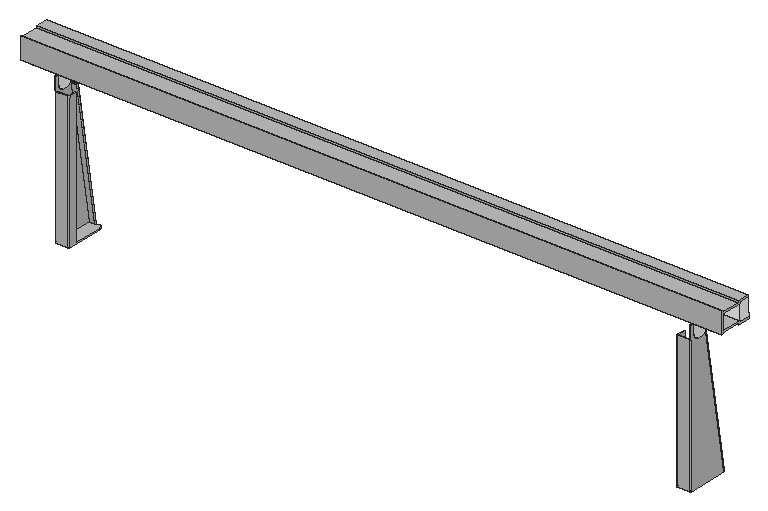
Revit family "4070762+4070746+4070772 Feilo Sylvania Lighting Fixture CURSUS 1161MM 770LM WIDE LED 4K with CONTINUOUS WALL HOUSING with 250MM WALL BRACKET", category Lighting Fixtures, host Face, Revit 2017
Family settings
  Host = Face
  Round Connector Dimension = Use Diameter
  Part Type = Normal
  OmniClass Number = 23.80.70.14
  OmniClass Title = Luminaries for External Lighting
  Cut with Voids When Loaded = Yes
  Light Source = No
  Shared = No
  Room Calculation Point = No
Parameters (values of type "4070762 CURSUS 1161MM 770LM WIDE LED 4K")
  Weight = "2.2 kg"
  Wattage Comments = "n/a"
  WarrantyStartDate [instance] = "n/a"
  WarrantyGuarantorParts = "n/a"
  WarrantyDurationUnit = "n/a"
  WarrantyDurationParts = "n/a"
  WarrantyDescription = "n/a"
  Voltage = 230 V
  URL = "http://www.sylvania-lighting.com"
  TypeName = "CURSUS 1161MM 770LM WIDE LED 4K"
  TypeFixture_FEILO = CURSUS with CONTINUOUS WALL HOUSING : CURSUS 1161MM 770LM WIDE LED 4K
  Type Image = <None>
  Type Comments = "n/a"
  TiltAngle [instance] = 0.00°
  StartAngle [instance] = TiltAngle + 270.00°  # 270.00°
  SerialNumber [instance] = "n/a"
  ReflectorMaterial = none
  PowerFactor = 0
  PowerConsumption = "18 W"
  NominalLength = 1161 mm
  NominalHeight = 50 mm
  NominalDepth = 30 mm
  Name = "CURSUS 1161MM 770LM WIDE LED 4K"
  ModelReference = Name  # "CURSUS 1161MM 770LM WIDE LED 4K"
  ModelNumber = "4070762"
  Model = Name  # "CURSUS 1161MM 770LM WIDE LED 4K"
  Material = "natural anodised extruded aluminium structure housing"
  ManufacturerName = "Feilo Sylvania"
  Manufacturer = "Feilo Sylvania"
  LuminousEfficacy = "42.77 lm/W"
  LuminaireType = ""
  LightOutputRatio = "100"
  LampsType = Lamp  # "LED"
  LampNominalLuminous = "770 lm"
  LampMacAdamStep = "n/a"
  LampColourTemperature = "4000 K"
  LampColourRenderingIndex = "80"
  Lamp = "LED"
  Keynote = "16500"
  InstallationDate [instance] = "n/a"
  InputVoltage = "220-240V~"
  InputNominalFrequency = "n/a"
  IngressProtection = "IP67"
  ImpactProtectionIndex = "IK07"
  IfcExportType = "IfcLightFixtureType"
  IfcExportAs = "IfcLightFixtureType"
  ExpectedLife = 50000
  EndAngle [instance] = StartAngle - 180.00°  # 90.00°
  ElectricShockClassification = "Class III"
  DurationUnit = "hours"
  DocumentationLiterature = "http://www.sylvania-lighting.com/product/en-int/products/4070762"
  DimmingControlOptions = "n/a"
  DiffuserMaterial = Diffuser-Sylvania-Glow
  Description = "LED Exterior Lighting Recessed Surface Mounted Linear Fixture, Natural anodised extruded aluminium structure. Die-cast aluminium end caps. Installation kit with harmonic steel springs., 770 lm, 18W,  42lm/W, 4000K, CRI80+,non dimmable,IP67, IK07, (HxWxD) 1161x50x30mm, 3 step Mac Adam Ellipse, 2.2kg,, Classe III, 21-25V-DC, energy class : A++, A+, A"
  Default Elevation = 1219.2 mm
  CreatedOn = "1/8/2018"
  CreatedBy = ""
  Cost = 0
  built-in parameter 1114216 [instance] = (empty or 0)
  ClassificationValue = "EF_70_80"
  ClassificationName = "Uniclass2015"
  BracketWidth = 24 mm
  BracketThickness = 2 mm
  BracketHeightEnd = 32 mm
  BracketHeight = 70 mm
  BracketFlange = BracketHeight / 5  # 14 mm
  BracketExtension = 250 mm
  BracketEndReduction = 25 mm
  BracketC = 22 mm  # constant formula
  BracketDistance = 1030 mm
  BracketD = BracketHeightEnd - (BracketC * (BracketHeight - BracketHeightEnd) / (BracketExtension - BracketEndReduction))  # 28.284 mm
  BodyMaterial = Body-Sylvania-Gray
  BarCode [instance] = "n/a"
  AssetType = "Fixed"
  AssetIdentifier [instance] = "n/a"
  Assembly Code = "D5020200"
  Apparent Load = 18 VA
  AccessoryMaterial = Diffuser-Sylvania-Glow
Reference planes
  plane 1 "Center (Front/Back)": y = 0
  plane 2: z = 0
  plane 3 "Center (Left/Right)": x = 0
  plane 4: x = -527
  plane 5: x = 527
  plane 6: y = 70
  plane 7: x = -503
  plane 8: x = 503
  plane 9: z = 250
  plane 10: z = 236
  plane 11: z = 2
  plane 12: z = 225
  plane 13: x = -525
  plane 14: y = 68
  plane 15: y = 2
  plane 16: x = -505
  plane 17: x = 505
  plane 18: x = 525
  plane 19: x = -515
  plane 20: x = 515
  plane 21: y = 14
  plane 22: y = 32
  plane 23: y = 30
  plane 24: z = 247
  plane 25: y = 28.284
  plane 26: y = 16
Forms (mm)
  Blend 1, solid, material "Body-Sylvania-Gray" <- "BodyMaterial"
    base sketch origin (1223.4, -4572, 2) x (0, -1, 0) y (1, 0, 0)
      loop
        line (-4640, -1738.4) -> (-4642, -1738.4) -> (-4642, -1748.4)
        arc (-4642, -1748.4) -> (-4641.414, -1749.814) -> (-4640, -1750.4) r 2
        line (-4640, -1750.4) -> (-4574, -1750.4)
        arc (-4574, -1750.4) -> (-4572.586, -1749.814) -> (-4572, -1748.4) r 2
        line (-4572, -1748.4) -> (-4572, -1728.4)
        arc (-4572, -1728.4) -> (-4572.586, -1726.986) -> (-4574, -1726.4) r 2
        line (-4574, -1726.4) -> (-4586, -1726.4) -> (-4586, -1728.4) -> (-4574, -1728.4) -> (-4574, -1748.4) -> (-4640, -1748.4) -> (-4640, -1738.4)
    top sketch origin (1223.4, -4572, 2) x (0, -1, 0) y (1, 0, 0)
      loop
        line (-4586, -1728.4) -> (-4574, -1728.4) -> (-4574, -1748.4) -> (-4602, -1748.4) -> (-4602, -1738.4) -> (-4604, -1738.4) -> (-4604, -1748.4)
        arc (-4604, -1748.4) -> (-4603.52, -1749.71) -> (-4602.309, -1750.4) r 2.028
        line (-4602.309, -1750.4) -> (-4574, -1750.4)
        arc (-4574, -1750.4) -> (-4572.586, -1749.814) -> (-4572, -1748.4) r 2
        line (-4572, -1748.4) -> (-4572, -1728.4)
        arc (-4572, -1728.4) -> (-4572.586, -1726.986) -> (-4574, -1726.4) r 2
        line (-4574, -1726.4) -> (-4586, -1726.4) -> (-4586, -1728.4)
    from 0 to 223
  Extrusion 2, solid, material "Body-Sylvania-Gray" <- "BodyMaterial"
    sketch origin (0, 0, 0) x (1, 0, 0) y (0, 1, 0)
      loop
        arc (-525, 70) -> (-526.414, 69.414) -> (-527, 68) r 2
        line (-527, 68) -> (-527, 2)
        arc (-527, 2) -> (-526.414, 0.586) -> (-525, 0) r 2
        line (-525, 0) -> (-505, 0)
        arc (-505, 0) -> (-503.586, 0.586) -> (-503, 2) r 2
        line (-503, 2) -> (-503, 62.5)
        arc (-503, 62.5) -> (-505.197, 67.803) -> (-510.5, 70) r 7.5
        line (-510.5, 70) -> (-525, 70)
      loop
        line (525, 70) -> (510.5, 70)
        arc (510.5, 70) -> (505.197, 67.803) -> (503, 62.5) r 7.5
        line (503, 62.5) -> (503, 2)
        arc (503, 2) -> (503.586, 0.586) -> (505, 0) r 2
        line (505, 0) -> (525, 0)
        arc (525, 0) -> (526.414, 0.586) -> (527, 2) r 2
        line (527, 2) -> (527, 68)
        arc (527, 68) -> (526.414, 69.414) -> (525, 70) r 2
    from 0 to 2
  Blend 3, solid, material "Body-Sylvania-Gray" <- "BodyMaterial"
    base sketch origin (1223.4, -4572, 2) x (0, -1, 0) y (1, 0, 0)
      loop
        line (-4640, -698.4) -> (-4574, -698.4) -> (-4574, -718.4) -> (-4586, -718.4) -> (-4586, -720.4) -> (-4574, -720.4)
        arc (-4574, -720.4) -> (-4572.586, -719.814) -> (-4572, -718.4) r 2
        line (-4572, -718.4) -> (-4572, -698.4)
        arc (-4572, -698.4) -> (-4572.586, -696.986) -> (-4574, -696.4) r 2
        line (-4574, -696.4) -> (-4640, -696.4)
        arc (-4640, -696.4) -> (-4641.414, -696.986) -> (-4642, -698.4) r 2
        line (-4642, -698.4) -> (-4642, -708.4) -> (-4640, -708.4) -> (-4640, -698.4)
    top sketch origin (1223.4, -4572, 2) x (0, -1, 0) y (1, 0, 0)
      loop
        line (-4602, -708.4) -> (-4602, -698.4) -> (-4574, -698.4) -> (-4574, -718.4) -> (-4586, -718.4) -> (-4586, -720.4) -> (-4574, -720.4)
        arc (-4574, -720.4) -> (-4572.586, -719.814) -> (-4572, -718.4) r 2
        line (-4572, -718.4) -> (-4572, -698.4)
        arc (-4572, -698.4) -> (-4572.586, -696.986) -> (-4574, -696.4) r 2
        line (-4574, -696.4) -> (-4602, -696.4)
        arc (-4602, -696.4) -> (-4603.414, -696.986) -> (-4604, -698.4) r 2
        line (-4604, -698.4) -> (-4604, -708.4) -> (-4602, -708.4)
    from 0 to 223
  Blend 4, solid, material "Body-Sylvania-Gray" <- "BodyMaterial"
    base sketch origin (1223.4, -4572, 225) x (0, -1, 0) y (1, 0, 0)
      loop
        line (-4604, -1750.4) -> (-4572, -1750.4) -> (-4572, -1748.4) -> (-4604, -1748.4) -> (-4604, -1750.4)
    top sketch origin (1223.4, -4572, 225) x (0, -1, 0) y (1, 0, 0)
      loop
        line (-4572, -1750.4) -> (-4572, -1748.4) -> (-4600.284, -1748.4) -> (-4600.284, -1750.4) -> (-4572, -1750.4)
    from 0 to 22
  Blend 5, solid, material "Body-Sylvania-Gray" <- "BodyMaterial"
    base sketch origin (1223.4, -4572, 225) x (0, -1, 0) y (1, 0, 0)
      loop
        line (-4604, -698.4) -> (-4572, -698.4) -> (-4572, -696.4) -> (-4604, -696.4) -> (-4604, -698.4)
    top sketch origin (1223.4, -4572, 225) x (0, -1, 0) y (1, 0, 0)
      loop
        line (-4572, -696.4) -> (-4600.284, -696.4) -> (-4600.284, -698.4) -> (-4572, -698.4) -> (-4572, -696.4)
    from 0 to 22
  Extrusion 6, void
    sketch origin (0, 0, 0) x (0, 1, 0) y (0, 0, 1)
      loop
        line (0, 225) -> (2, 225) -> (2, 226.5) -> (0, 226.5) -> (0, 225)
      loop
        line (32, 225) -> (32, 226.5) -> (30, 226.5) -> (30, 225) -> (32, 225)
    from -527 to 527
  Revolve 7, solid, not visible
    sketch origin (1524, 16, 1219.2) x (1, 0, 0) y (0, 0, 1)
      loop
        line (-1524, -972.2) -> (-1524, -983.2) -> (-1009, -983.2) -> (-1009, -972.2) -> (-1524, -972.2)
      axis (-1009, -983.2) -> (-1524, -983.2)
    angle from 270 <- "StartAngle" to 90 <- "EndAngle"
Cuts and joins
  Extrusion 6 cuts Blend 4
  Extrusion 6 cuts Blend 5
  joined: Blend 1, Extrusion 2, Blend 3, Blend 4, Blend 5
Lines and regions (mm)
  reference lines, not visible
    curve 1: line (-503, 16, 236) -> (503, 16, 236)
Dimensions and locks
  equal spacing: plane 4, plane 3 "Center (Left/Right)", plane 5
  "BracketDistance": plane 19 to plane 20
  "BracketHeight": plane 1 "Center (Front/Back)" to plane 6
  equal spacing: plane 7, plane 3 "Center (Left/Right)", plane 8
  "BracketWidth": plane 4 to plane 7
  "BracketExtension": plane 9 to plane 2
  "BracketThickness": plane 11 to plane 2
  "BracketEndReduction": plane 9 to plane 12
  equal spacing: plane 13, plane 3 "Center (Left/Right)", plane 18
  equal spacing: plane 16, plane 3 "Center (Left/Right)", plane 17
  "BracketThickness": plane 4 to plane 13
  "BracketThickness": plane 16 to plane 7
  "BracketThickness": plane 14 to plane 6
  "BracketThickness": plane 1 "Center (Front/Back)" to plane 15
  equal spacing: plane 4, plane 19, plane 7
  equal spacing: plane 8, plane 20, plane 5
  "BracketFlange": plane 1 "Center (Front/Back)" to plane 21
  "BracketHeightEnd": plane 1 "Center (Front/Back)" to plane 22
  "BracketThickness": plane 23 to plane 22
  locked: Extrusion 2 sketch curve to plane 7 at 7.5
  locked: Extrusion 2 sketch curve to plane 6 at 7.5  (x2)
  locked: plane 8 to Extrusion 2 sketch curve at 7.5
  "BracketC": plane 24 to plane 12
  "BracketD": plane 1 "Center (Front/Back)" to plane 25
  locked: plane 12 to Extrusion 6 sketch curve at 1.5
  equal spacing: plane 24, plane 10, plane 12
  equal spacing: plane 1 "Center (Front/Back)", plane 26, plane 22
  aligned and locked: plane 2 to host face
  aligned and locked: level to host face
  aligned and locked: plane 4 to Blend 1 sketch curve  (x2)
  aligned and locked: plane 13 to Blend 1 sketch curve  (x3)
  aligned and locked: Blend 1 sketch curve to plane 15
  aligned and locked: Blend 1 sketch curve to plane 16
  aligned and locked: Blend 1 sketch curve to plane 21
  aligned and locked: plane 7 to Blend 1 sketch curve
  aligned and locked: plane 16 to Blend 1 sketch curve
  aligned and locked: plane 1 "Center (Front/Back)" to Blend 1 sketch curve
  aligned and locked: plane 14 to Blend 1 sketch curve
  aligned and locked: Blend 1 sketch curve to var sketch  (x6)
  aligned and locked: Blend 1 sketch curve to plane 19
  aligned and locked: Blend 1 sketch curve to plane 22
  aligned and locked: plane 23 to Blend 1 sketch curve
  aligned and locked: plane 11 to Blend 1
  aligned and locked: Extrusion 2 sketch curve to Blend 1  (x3)
  aligned and locked: Extrusion 2 to level
  aligned and locked: Extrusion 2 to plane 11
  aligned and locked: Extrusion 2 sketch curve to plane 7
  aligned and locked: plane 18 to Blend 3 sketch curve  (x4)
  aligned and locked: plane 14 to Blend 3 sketch curve  (x2)
  aligned and locked: Blend 3 sketch curve to plane 20
  aligned and locked: Blend 3 sketch curve to plane 6
  aligned and locked: plane 5 to Blend 3 sketch curve
  aligned and locked: plane 1 "Center (Front/Back)" to Blend 3 sketch curve
  aligned and locked: plane 15 to Blend 3 sketch curve  (x2)
  aligned and locked: Blend 3 sketch curve to plane 8
  aligned and locked: Blend 3 sketch curve to plane 21
  aligned and locked: plane 17 to Blend 3 sketch curve
  aligned and locked: Blend 3 sketch curve to plane 18
  aligned and locked: plane 20 to Blend 3 sketch curve  (x2)
  aligned and locked: Blend 3 sketch curve to plane 23
  aligned and locked: Blend 3 sketch curve to var sketch  (x8)
  aligned and locked: var sketch to Blend 3 sketch curve
  aligned and locked: plane 22 to Blend 3 sketch curve
  aligned and locked: plane 11 to Blend 3
  aligned and locked: Extrusion 2 sketch curve to Blend 3  (x4)
  aligned and locked: Blend 1 to plane 12
  aligned and locked: Blend 3 to plane 12
  aligned and locked: Blend 4 sketch curve to plane 22
  aligned and locked: Blend 4 sketch curve to cut or joined group of Blend 1, Extrusion 2, Blend 3, Blend 4, Blend 5, Extrusion 6  (x2)
  aligned and locked: cut or joined group of Blend 1, Extrusion 2, Blend 3, Blend 4, Blend 5, Extrusion 6 to Blend 4 sketch curve
  aligned and locked: Blend 4 sketch curve to var sketch  (x2)
  aligned and locked: Blend 4 sketch curve to plane 13
  aligned and locked: Blend 4 to plane 24
  aligned and locked: Blend 4 sketch curve to plane 25
  aligned and locked: Blend 5 sketch curve to plane 18  (x2)
  aligned and locked: plane 1 "Center (Front/Back)" to Blend 5 sketch curve
  aligned and locked: plane 5 to Blend 5 sketch curve
  aligned and locked: plane 22 to Blend 5 sketch curve
  aligned and locked: Blend 5 sketch curve to var sketch
  aligned and locked: var sketch to Blend 5 sketch curve
  aligned and locked: Blend 5 sketch curve to plane 25
  aligned and locked: Blend 5 to plane 24
  aligned and locked: plane 12 to Blend 5
  aligned and locked: Extrusion 6 sketch curve to cut or joined group of Blend 1, Extrusion 2, Blend 3, Blend 4, Blend 5, Extrusion 6  (x2)
  aligned and locked: Extrusion 6 sketch curve to Extrusion 6 sketch curve
  aligned and locked: Extrusion 6 sketch curve to plane 15
  aligned and locked: plane 5 to Extrusion 6
  aligned and locked: Extrusion 6 to plane 4
  aligned and locked: Extrusion 6 sketch curve to plane 23
  aligned and locked: Revolve 7 sketch curve to plane 10  (x2)
  aligned and locked: plane 24 to Revolve 7 sketch curve
  aligned and locked: plane 3 "Center (Left/Right)" to Revolve 7 sketch curve
  aligned and locked: Revolve 7 sketch curve to plane 20
  aligned and locked: plane 7 to curve 1
  aligned and locked: plane 10 to curve 1
  aligned and locked: nested 1 to plane 5
  aligned and locked: nested 2 to plane 4
  aligned and locked: nested 1 to curve 1
  aligned and locked: nested 2 to curve 1
  aligned and locked: nested 3 to plane 3 "Center (Left/Right)"
  aligned and locked: nested 1 to nested 3
Automatic sketch dimensions
  host sketch curve to host sketch curve = 2438.4 mm  (x2)
  Blend 1 sketch curve to plane 13 = 0 mm
  plane 15 to Blend 1 sketch curve = 0 mm  (x3)
  Blend 1 sketch curve to plane 23 = 0.309 mm
  plane 6 to Blend 1 sketch curve = 0 mm
  plane 14 to Blend 1 sketch curve = 0 mm
  Blend 1 sketch curve to plane 19 = 0 mm
  Blend 3 sketch curve to plane 17 = 0 mm
  Extrusion 6 sketch curve to plane 1 "Center (Front/Back)" = 0 mm
  plane 12 to Extrusion 6 sketch curve = 0 mm
  Revolve 7 sketch curve to plane 4 = 1153 mm
  plane 5 to Revolve 7 sketch curve = 1161.4 mm
  curve 1 to plane 8 = 0 mm
Nested families
  nested 1: "MountingPlate" at (526, 16, 236) x (-1, 0, 0) z (0, 0, 1), type "MountingPlate"
  nested 2: "MountingPlate" at (-526, 16, 236) x (-1, 0, 0) z (0, 0, 1), type "MountingPlate"
  nested 3: "CURSUS with CONTINUOUS WALL HOUSING" at (0, -4, 254) x (-1, 0, 0) z (0, 0, 1), type <- "TypeFixture_FEILO", type "CURSUS 1161MM 770LM WIDE LED 4K"
    with WarrantyStartDate "n/a", SerialNumber "n/a", InstallationDate "n/a", EndCapRight no, EndCapLeft no, built-in parameter 1114216 (empty or 0), BarCode "n/a", AssetIdentifier "n/a"
Connectors
  electrical at (0, 0, 0), driven by "Voltage", driven by "Apparent Load", driven by "PowerFactor"
    settings: index 1, voltage 230 V, apparent load 18 VA, apparent load phase1 0 VA, apparent load phase2 0 VA, apparent load phase3 0 VA, power factor 0, load classification "Other", number of poles 1, system type 30, power factor state 1, is connector primary yes, connector utility no, sub classification motor no, connector description ""
Definition of nested family "MountingPlate"
  Parameters (values of type "MountingPlate")
    URL = "http://www.feilosylvania.com"
    Type Comments = "n/a"
    ReflectorMaterial = none
    MountingPlateWidth = 76 mm
    MountingPlateThickness = 2 mm
    MountingPlateRadiusBack = 12 mm
    MountingPlateRadius = 3 mm
    MountingPlateHeight = 35 mm
    Model = "n/a"
    Manufacturer = "Feilo Sylvania"
    Keynote = "n/a"
    DiffuserMaterial = none
    Description = "n/a"
    Default Elevation = 1219.2 mm
    Cost = 0
    BodyMaterial = none
    Assembly Code = "n/a"
    AccessoryMaterial = none
  Reference planes
    plane 1 "Center (Front/Back)": y = 0
    plane 2: z = 0
    plane 3 "Center (Left/Right)": x = 0
    plane 4: x = -38
    plane 5: x = 38
    plane 6: y = 17.5
    plane 7: y = -17.5
    plane 8: x = -3
    plane 9: x = 3
    plane 10: z = 18
    plane 11: z = 16
    plane 12: y = 12.5
    plane 13: y = -12.5
    plane 14: x = -1
    plane 15: x = 1
    plane 16: z = -12.5
    plane 17: z = -14.5
  Forms (mm)
    Extrusion 1, solid
      sketch origin (1.653, 0, 0) x (1, 0, 0) y (0, 1, 0)
        loop
          line (-1219.2, 1219.2) -> (-1219.2, -1219.2) -> (1219.2, -1219.2) -> (1219.2, 1219.2) -> (-1219.2, 1219.2)
      from 0 to -304.8
    Extrusion 2, solid, material <- "BodyMaterial"
      sketch origin (1218.4, -4572, 16) x (0, -1, 0) y (-1, 0, 0)
        loop
          line (-4589.5, 1253.4) -> (-4589.5, 1224.4)
          arc (-4589.5, 1224.4) -> (-4588.621, 1222.279) -> (-4586.5, 1221.4) r 3
          line (-4586.5, 1221.4) -> (-4557.5, 1221.4)
          arc (-4557.5, 1221.4) -> (-4555.379, 1222.279) -> (-4554.5, 1224.4) r 3
          line (-4554.5, 1224.4) -> (-4554.5, 1253.4)
          arc (-4554.5, 1253.4) -> (-4555.379, 1255.521) -> (-4557.5, 1256.4) r 3
          line (-4557.5, 1256.4) -> (-4586.5, 1256.4)
          arc (-4586.5, 1256.4) -> (-4588.621, 1255.521) -> (-4589.5, 1253.4) r 3
        loop
          arc (-4589.5, 1183.4) -> (-4588.621, 1181.279) -> (-4586.5, 1180.4) r 3
          line (-4586.5, 1180.4) -> (-4557.5, 1180.4)
          arc (-4557.5, 1180.4) -> (-4555.379, 1181.279) -> (-4554.5, 1183.4) r 3
          line (-4554.5, 1183.4) -> (-4554.5, 1212.4)
          arc (-4554.5, 1212.4) -> (-4555.379, 1214.521) -> (-4557.5, 1215.4) r 3
          line (-4557.5, 1215.4) -> (-4586.5, 1215.4)
          arc (-4586.5, 1215.4) -> (-4588.621, 1214.521) -> (-4589.5, 1212.4) r 3
          line (-4589.5, 1212.4) -> (-4589.5, 1183.4)
      from 0 to -2
    Extrusion 3, solid, material <- "BodyMaterial"
      sketch origin (0, 0, 0) x (1, 0, 0) y (0, 0, 1)
        loop
          line (-3, 18) -> (-3, -12.5) -> (-1, -12.5) -> (-1, 16)
          arc (-1, 16) -> (-1.586, 17.414) -> (-3, 18) r 2
        loop
          line (3, -12.5) -> (3, 18)
          arc (3, 18) -> (1.586, 17.414) -> (1, 16) r 2
          line (1, 16) -> (1, -12.5) -> (3, -12.5)
      from -12.5 to 12.5
    Extrusion 4, void
      sketch origin (0, 0, 0) x (0, 1, 0) y (0, 0, 1)
        loop
          line (-12.5, -0.5) -> (-17.5, -0.5) -> (-17.5, -14.5) -> (-0.5, -14.5) -> (-0.5, -12.5)
          arc (-0.5, -12.5) -> (-8.985, -8.985) -> (-12.5, -0.5) r 12
        loop
          line (0.5, -12.5) -> (0.5, -14.5) -> (17.5, -14.5) -> (17.5, -0.5) -> (12.5, -0.5)
          arc (12.5, -0.5) -> (8.985, -8.985) -> (0.5, -12.5) r 12
      from -3 to 3
  Cuts and joins
    Extrusion 4 cuts Extrusion 2
    Extrusion 4 cuts Extrusion 3
    joined: Extrusion 2, Extrusion 3
  Lines and regions (mm)
    reference lines
      curve 1: line (-38, 0, 0) -> (38, 0, 0)
  Dimensions and locks
    equal spacing: plane 4, plane 3 "Center (Left/Right)", plane 5
    "MountingPlateWidth": plane 4 to plane 5
    equal spacing: plane 7, plane 1 "Center (Front/Back)", plane 6
    "MountingPlateHeight": plane 7 to plane 6
    equal spacing: plane 8, plane 3 "Center (Left/Right)", plane 9
    "MountingPlateHeight": plane 4 to plane 8
    locked: plane 10 to plane 2 at 18
    "MountingPlateThickness": plane 10 to plane 11
    equal spacing: plane 13, plane 1 "Center (Front/Back)", plane 12
    locked: plane 13 to plane 12 at 25
    "MountingPlateRadius": plane 4 to Extrusion 2 sketch curve  (x2)
    "MountingPlateRadius": Extrusion 2 sketch curve to plane 6  (x4)
    "MountingPlateRadius": Extrusion 2 sketch curve to plane 8  (x2)
    "MountingPlateRadius": plane 7 to Extrusion 2 sketch curve  (x4)
    "MountingPlateRadius": plane 9 to Extrusion 2 sketch curve  (x2)
    "MountingPlateRadius": Extrusion 2 sketch curve to plane 5  (x2)
    equal spacing: plane 15, plane 3 "Center (Left/Right)", plane 14
    "MountingPlateThickness": plane 14 to plane 8
    locked: plane 2 to plane 16 at 12.5
    locked: plane 17 to plane 16 at 2
    "MountingPlateRadiusBack": plane 13 to Extrusion 4 sketch curve
    "MountingPlateRadiusBack": plane 16 to Extrusion 4 sketch curve  (x2)
    "MountingPlateRadiusBack": Extrusion 4 sketch curve to plane 12
    aligned and locked: plane 2 to Extrusion 1
    aligned and locked: level to Extrusion 1
    aligned and locked: Extrusion 2 sketch curve to plane 6
    aligned and locked: Extrusion 2 sketch curve to plane 4
    aligned and locked: plane 7 to Extrusion 2 sketch curve
    aligned and locked: plane 8 to Extrusion 2 sketch curve
    aligned and locked: plane 6 to Extrusion 2 sketch curve
    aligned and locked: Extrusion 2 sketch curve to plane 5
    aligned and locked: Extrusion 2 sketch curve to plane 7
    aligned and locked: plane 9 to Extrusion 2 sketch curve
    aligned and locked: Extrusion 2 to plane 10
    aligned and locked: plane 11 to Extrusion 2
    aligned and locked: Extrusion 3 sketch curve to Extrusion 2  (x2)
    aligned and locked: plane 16 to Extrusion 3 sketch curve  (x2)
    aligned and locked: plane 14 to Extrusion 3 sketch curve
    aligned and locked: plane 9 to Extrusion 3 sketch curve
    aligned and locked: plane 15 to Extrusion 3 sketch curve
    aligned and locked: Extrusion 3 to plane 12
    aligned and locked: plane 13 to Extrusion 3
    aligned and locked: plane 17 to Extrusion 4 sketch curve  (x2)
    aligned and locked: Extrusion 4 sketch curve to plane 7
    aligned and locked: Extrusion 4 sketch curve to plane 6
    aligned and locked: plane 9 to Extrusion 4
    aligned and locked: Extrusion 4 to plane 8
    aligned and locked: plane 4 to curve 1
    aligned and locked: curve 1 to level
  Automatic sketch dimensions
    Extrusion 1 sketch curve to Extrusion 1 sketch curve = 2438.4 mm  (x2)
    Extrusion 3 sketch curve to plane 11 = 0 mm
    curve 1 to plane 5 = 0 mm
    Extrusion 4 sketch curve to plane 13 = 0 mm
    Extrusion 4 sketch curve to plane 12 = 0 mm
Definition of nested family "CURSUS with CONTINUOUS WALL HOUSING"
  Parameters (values of type "CURSUS 1161MM 827LM OVAL LED 3K")
    Width_FEILO = 35 mm
    Weight = "2.2 kg"
    Wattage Comments = "n/a"
    Wattage = 18 W
    WarrantyStartDate [instance] = "n/a"
    WarrantyGuarantorParts = "n/a"
    WarrantyDurationUnit = "n/a"
    WarrantyDurationParts = "n/a"
    WarrantyDescription = "n/a"
    WallThickness_FEILO = 2.5 mm
    built-in parameter 1150110 = 1 (stored number, unit not read)
    Voltage = 24 V
    URL = "http://www.feilosylvania.com"
    TypeName = "CURSUS 1161MM 827LM OVAL LED 3K"
    Type Image = (empty or 0)
    Type Comments = "n/a"
    built-in parameter 1114217 = 1 (stored number, unit not read)
    Tilt Angle = -90.00°
    built-in parameter 1150109 = 1 (stored number, unit not read)
    built-in parameter 1150134 = (empty or 0)
    built-in parameter 1150113 = 1 (stored number, unit not read)
    SerialNumber [instance] = "n/a"
    ReflectorMaterial = none
    PowerFactor = 0
    PowerConsumption = "18 W"
    Photometric Web File = "4070765.ies"
    NominalLength = 1161 mm
    NominalHeight = 50 mm
    NominalDepth = 30 mm
    Name = "CURSUS 1161MM 827LM OVAL LED 3K"
    ModelReference = Name  # "CURSUS 1161MM 827LM OVAL LED 3K"
    ModelNumber = ""
    Model = Name  # "CURSUS 1161MM 827LM OVAL LED 3K"
    Material = "natural anodised extruded aluminium structure housing, optical system with pmma lenses diffuser"
    ManufacturerName = "Feilo Sylvania"
    Manufacturer = "Feilo Sylvania"
    LuminousEfficacy = "45.94 lm/W"
    built-in parameter 1150105 = 65.811 (stored number, unit not read)
    Lumens = 827 lm
    LuminaireType = ""
    built-in parameter 1150115 = 1 (stored number, unit not read)
    LightOutputRatio = "100"
    built-in parameter 1150137 = (empty or 0)
    built-in parameter 1150139 = (empty or 0)
    Length_FEILO = 1167 mm
    LampsType = Lamp  # "LED"
    LampNominalLuminous = "827 lm"
    LampMacAdamStep = "n/a"
    LampColourTemperature = "3000 K"
    LampColourRenderingIndex = "80"
    built-in parameter 1150112 = 1 (stored number, unit not read)
    built-in parameter 1150114 = 1 (stored number, unit not read)
    Lamp = "LED"
    Keynote = "16500"
    InstallationDate [instance] = "n/a"
    InputVoltage = "24V DC"
    InputNominalFrequency = "n/a"
    built-in parameter 1150132 = (empty or 0)
    built-in parameter 1150102 = (empty or 0)
    built-in parameter 1150107 = 3000 (stored number, unit not read)
    built-in parameter 1150138 = (empty or 0)
    IngressProtection = "IP67"
    ImpactProtectionIndex = "IK07"
    built-in parameter 1150106 = 0.65811 (stored number, unit not read)
    IfcExportType = "IfcLightFixtureType"
    IfcExportAs = "IfcLightFixtureType"
    ExpectedLife = 50000
    EndCapRight [instance] = no
    EndCapLeft [instance] = no
    Emit from Rectangle Width = Width_FEILO - WallThickness_FEILO * 2  # 30 mm
    Emit from Rectangle Length = Length_FEILO - WallThickness_FEILO * 2  # 1162 mm
    Emit Shape Visible in Rendering = no
    ElectricShockClassification = "Class III"
    built-in parameter 1150104 = 4.2684 (stored number, unit not read)
    DurationUnit = "hours"
    DocumentationLiterature = "http://www.feilosylvania.com/product/en-int/products/4070765"
    DimmingControlOptions = "n/a"
    Dimming Lamp Color Temperature Shift = (empty or 0)
    DiffuserMaterial = none
    Description = "LED Exterior Lighting Recessed Surface Mounted Linear Fixture, Natural anodised extruded aluminium structure. Die-cast aluminium end caps. Installation kit with harmonic steel springs., 827 lm, 18W, 45lm/W, 3000K, CRI80+,non dimmable,IP67, IK07, (HxWxD) 1161x50x30mm, 3 step Mac Adam Ellipse, 2.2kg,, Classe III, 21-25V-DC, energy class : A++, A+, A"
    Default Elevation = 1219.2 mm
    CreatedOn = "1/8/2018"
    CreatedBy = "aron.fodor@feilosylvania.com"
    Cost = 0
    Color Filter = 16777215
    built-in parameter 1114216 [instance] = (empty or 0)
    ClassificationValue = "EF_70_80"
    ClassificationName = "Uniclass2015"
    BodyMaterial = none
    BarCode [instance] = "n/a"
    built-in parameter 1114218 = 1 (stored number, unit not read)
    built-in parameter 1150133 = 10 (stored number, unit not read)
    AssetType = "Fixed"
    AssetIdentifier [instance] = "n/a"
    Assembly Code = "D5020200"
    Apparent Load = 18 VA
    AccessoryMaterial = none
  Types (16, lengths in mm): name | Weight | Wattage | Voltage | TypeName | built-in parameter 1150134 | PowerConsumption | Photometric Web File | NominalLength | Name | ModelReference | Model | Material | LuminousEfficacy | built-in parameter 1150105 | Lumens | Length_FEILO | LampNominalLuminous | LampColourTemperature | InputVoltage | InputNominalFrequency | built-in parameter 1150107 | built-in parameter 1150106 | Emit from Rectangle Length | built-in parameter 1150104 | DocumentationLiterature | Description | Apparent Load
    CURSUS 1161MM 827LM OVAL LED 3K | "2.2 kg" | 18 W | 24 V | "CURSUS 1161MM 827LM OVAL LED 3K" | (empty or 0) | "18 W" | "4070765.ies" | 1161 | "CURSUS 1161MM 827LM OVAL LED 3K" | "CURSUS 1161MM 827LM OVAL LED 3K" | "CURSUS 1161MM 827LM OVAL LED 3K" | "natural anodised extruded aluminium structure housing, optical system with pmma lenses diffuser" | "45.94 lm/W" | 65.811 (stored number, unit not read) | 827 lm | 1167 | "827 lm" | "3000 K" | "24V DC" | "n/a" | 3000 (stored number, unit not read) | 0.65811 (stored number, unit not read) | 1162 | 4.2684 (stored number, unit not read) | "http://www.feilosylvania.com/product/en-int/products/4070765" | "LED Exterior Lighting Recessed Surface Mounted Linear Fixture, Natural anodised extruded aluminium structure. Die-cast aluminium end caps. Installation kit with harmonic steel springs., 827 lm, 18W, 45lm/W, 3000K, CRI80+,non dimmable,IP67, IK07, (HxWxD) 1161x50x30mm, 3 step Mac Adam Ellipse, 2.2kg,, Classe III, 21-25V-DC, energy class : A++, A+, A" | 18 VA
    CURSUS 1161MM 731LM WIDE LED 3K | "2.2 kg" | 18 W | 230 V | "CURSUS 1161MM 731LM WIDE LED 3K" | (empty or 0) | "18 W" | "4070764.ies" | 1161 | "CURSUS 1161MM 731LM WIDE LED 3K" | "CURSUS 1161MM 731LM WIDE LED 3K" | "CURSUS 1161MM 731LM WIDE LED 3K" | "natural anodised extruded aluminium structure housing" | "40.61 lm/W" | 58.171 (stored number, unit not read) | 731 lm | 1167 | "731 lm" | "3000 K" | "220-240V~" | "n/a" | 3000 (stored number, unit not read) | 0.58171 (stored number, unit not read) | 1162 | 3.7729 (stored number, unit not read) | "http://www.feilosylvania.com/product/en-int/products/4070764" | "LED Exterior Lighting Recessed Surface Mounted Linear Fixture, Natural anodised extruded aluminium structure. Die-cast aluminium end caps. Installation kit with harmonic steel springs., 731 lm, 18W, 40lm/W, 3000K, CRI80+,non dimmable,IP67, IK07, (HxWxD) 1161x50x30mm, 3 step Mac Adam Ellipse, 2.2kg,, Classe III, 21-25V-DC, energy class : A++, A+, A" | 18 VA
    CURSUS 1161MM 871LM OVAL LED 4K | "2.2 kg" | 18 W | 24 V | "CURSUS 1161MM 871LM OVAL LED 4K" | 12 | "18 W" | "4070763.ies" | 1161 | "CURSUS 1161MM 871LM OVAL LED 4K" | "CURSUS 1161MM 871LM OVAL LED 4K" | "CURSUS 1161MM 871LM OVAL LED 4K" | "natural anodised extruded aluminium structure housing, optical system with pmma lenses diffuser" | "48.38 lm/W" | 69.312 (stored number, unit not read) | 871 lm | 1167 | "871 lm" | "4000 K" | "24V DC" | "50/60 Hz" | 4000 (stored number, unit not read) | 0.69312 (stored number, unit not read) | 1162 | 4.4955 (stored number, unit not read) | "http://www.feilosylvania.com/product/en-int/products/4070763" | "LED Exterior Lighting Recessed Surface Mounted Linear Fixture, Natural anodised extruded aluminium structure. Die-cast aluminium end caps. Installation kit with harmonic steel springs., 871 lm, 18W,  48lm/W, 4000K, CRI80+,non dimmable,IP67, IK07, (HxWxD) 1161x50x30mm, 3 step Mac Adam Ellipse, 2.2kg,, Classe III, 21-25V-DC, energy class : A++, A+, A" | 18 VA
    CURSUS 1161MM 770LM WIDE LED 4K | "2.2 kg" | 18 W | 230 V | "CURSUS 1161MM 770LM WIDE LED 4K" | 12 | "18 W" | "4070762.ies" | 1161 | "CURSUS 1161MM 770LM WIDE LED 4K" | "CURSUS 1161MM 770LM WIDE LED 4K" | "CURSUS 1161MM 770LM WIDE LED 4K" | "natural anodised extruded aluminium structure housing" | "42.77 lm/W" | 61.275 (stored number, unit not read) | 770 lm | 1167 | "770 lm" | "4000 K" | "220-240V~" | "n/a" | 4000 (stored number, unit not read) | 0.61275 (stored number, unit not read) | 1162 | 3.9742 (stored number, unit not read) | "http://www.feilosylvania.com/product/en-int/products/4070762" | "LED Exterior Lighting Recessed Surface Mounted Linear Fixture, Natural anodised extruded aluminium structure. Die-cast aluminium end caps. Installation kit with harmonic steel springs., 770 lm, 18W,  42lm/W, 4000K, CRI80+,non dimmable,IP67, IK07, (HxWxD) 1161x50x30mm, 3 step Mac Adam Ellipse, 2.2kg,, Classe III, 21-25V-DC, energy class : A++, A+, A" | 18 VA
    CURSUS 876MM 620LM OVAL LED 3K | "1.7 kg" | 13.5 W | 24 V | "CURSUS 876MM 620LM OVAL LED 3K" | (empty or 0) | "13.5 W" | "4070758.ies" | 876 | "CURSUS 876MM 620LM OVAL LED 3K" | "CURSUS 876MM 620LM OVAL LED 3K" | "CURSUS 876MM 620LM OVAL LED 3K" | "natural anodised extruded aluminium structure housing, optical system with pmma lenses diffuser" | "45.92 lm/W" | 49.338 (stored number, unit not read) | 620 lm | 882 | "620 lm" | "3000 K" | "24V DC" | "50/60 Hz" | 3000 (stored number, unit not read) | 0.49338 (stored number, unit not read) | 877 | 4.2667 (stored number, unit not read) | "http://www.feilosylvania.com/product/en-int/products/4070758" | "LED Exterior Lighting Recessed Surface Mounted Linear Fixture, Natural anodised extruded aluminium structure. Die-cast aluminium end caps. Installation kit with harmonic steel springs., 620 lm, 13,5W, 45lm/W, 3000K, CRI80+,non dimmable,IP67, IK07, (HxWxD) 876x50x30mm, 3 step Mac Adam Ellipse, 1.7kg,, Classe III, 21-25V-DC, energy class : A++, A+, A" | 13.5 VA
    CURSUS 876MM 548LM WIDE LED 3K | "1.7 kg" | 13.5 W | 24 V | "CURSUS 876MM 548LM WIDE LED 3K" | (empty or 0) | "13.5 W" | "4070757.ies" | 876 | "CURSUS 876MM 548LM WIDE LED 3K" | "CURSUS 876MM 548LM WIDE LED 3K" | "CURSUS 876MM 548LM WIDE LED 3K" | "natural anodised extruded aluminium structure housing" | "40.59 lm/W" | 43.608 (stored number, unit not read) | 548 lm | 882 | "548 lm" | "3000 K" | "24V DC" | "n/a" | 3000 (stored number, unit not read) | 0.43608 (stored number, unit not read) | 877 | 3.7712 (stored number, unit not read) | "http://www.feilosylvania.com/product/en-int/products/4070757" | "LED Exterior Lighting Recessed Surface Mounted Linear Fixture, Natural anodised extruded aluminium structure. Die-cast aluminium end caps. Installation kit with harmonic steel springs., 548 lm, 13,5W, 40lm/W, 3000K, CRI80+,non dimmable,IP67, IK07, (HxWxD) 876x50x30mm, 3 step Mac Adam Ellipse, 1.7kg,, Classe III, 21-25V-DC, energy class : A++, A+, A" | 13.5 VA
    CURSUS 876MM 653LM OVAL LED 4K | "1.7 kg" | 13.5 W | 24 V | "CURSUS 876MM 653LM OVAL LED 4K" | 12 | "13.5 W" | "4070756.ies" | 876 | "CURSUS 876MM 653LM OVAL LED 4K" | "CURSUS 876MM 653LM OVAL LED 4K" | "CURSUS 876MM 653LM OVAL LED 4K" | "natural anodised extruded aluminium structure housing, optical system with pmma lenses diffuser" | "48.37 lm/W" | 51.964 (stored number, unit not read) | 653 lm | 882 | "653 lm" | "4000 K" | "24V DC" | "n/a" | 4000 (stored number, unit not read) | 0.51964 (stored number, unit not read) | 877 | 4.4938 (stored number, unit not read) | "http://www.feilosylvania.com/product/en-int/products/4070756" | "LED Exterior Lighting Recessed Surface Mounted Linear Fixture, Natural anodised extruded aluminium structure. Die-cast aluminium end caps. Installation kit with harmonic steel springs., 653 lm, 13,5W,  48lm/W, 4000K, CRI80+,non dimmable,IP67, IK07, (HxWxD) 876x50x30mm, 3 step Mac Adam Ellipse, 1.7kg,, Classe III, 21-25V-DC, energy class : A++, A+, A" | 13.5 VA
    CURSUS 876MM 577LM WIDE LED 4K | "1.7 kg" | 13.5 W | 24 V | "CURSUS 876MM 577LM WIDE LED 4K" | 12 | "13.5 W" | "4070755.ies" | 876 | "CURSUS 876MM 577LM WIDE LED 4K" | "CURSUS 876MM 577LM WIDE LED 4K" | "CURSUS 876MM 577LM WIDE LED 4K" | "natural anodised extruded aluminium structure housing" | "42.74 lm/W" | 45.916 (stored number, unit not read) | 577 lm | 882 | "577 lm" | "4000 K" | "24V DC" | "n/a" | 4000 (stored number, unit not read) | 0.45916 (stored number, unit not read) | 877 | 3.9707 (stored number, unit not read) | "http://www.feilosylvania.com/product/en-int/products/4070755" | "LED Exterior Lighting Recessed Surface Mounted Linear Fixture, Natural anodised extruded aluminium structure. Die-cast aluminium end caps. Installation kit with harmonic steel springs., 577 lm, 13,5W,  42lm/W, 4000K, CRI80+,non dimmable,IP67, IK07, (HxWxD) 876x50x30mm, 3 step Mac Adam Ellipse, 1.7kg,, Classe III, 21-25V-DC, energy class : A++, A+, A" | 13.5 VA
    CURSUS 591MM 414LM OVAL LED 3K | "1.2 kg" | 9 W | 24 V | "CURSUS 591MM 414LM OVAL LED 3K" | (empty or 0) | "9 W" | "4070751.ies" | 591 | "CURSUS 591MM 414LM OVAL LED 3K" | "CURSUS 591MM 414LM OVAL LED 3K" | "CURSUS 591MM 414LM OVAL LED 3K" | "natural anodised extruded aluminium structure housing, optical system with pmma lenses diffuser" | "46 lm/W" | 32.945 (stored number, unit not read) | 414 lm | 597 | "414 lm" | "3000 K" | "24V DC" | "n/a" | 3000 (stored number, unit not read) | 0.32945 (stored number, unit not read) | 592 | 4.2735 (stored number, unit not read) | "http://www.feilosylvania.com/product/en-int/products/4070751" | "LED Exterior Lighting Recessed Surface Mounted Linear Fixture, Natural anodised extruded aluminium structure. Die-cast aluminium end caps. Installation kit with harmonic steel springs., 414 lm, 9W, 46lm/W, 3000K, CRI80+,non dimmable,IP67, IK07, (HxWxD) 591x50x30mm, 3 step Mac Adam Ellipse, 1.2kg,, Classe III, 21-25V-DC, energy class : A++, A+, A" | 9 VA
    CURSUS 591MM 365LM WIDE LED 3K | "1.2 kg" | 9 W | 24 V | "CURSUS 591MM 365LM WIDE LED 3K" | (empty or 0) | "9 W" | "4070750.ies" | 591 | "CURSUS 591MM 365LM WIDE LED 3K" | "CURSUS 591MM 365LM WIDE LED 3K" | "CURSUS 591MM 365LM WIDE LED 3K" | "natural anodised extruded aluminium structure housing" | "40.55 lm/W" | 29.046 (stored number, unit not read) | 365 lm | 597 | "365 lm" | "3000 K" | "24V DC" | "n/a" | 3000 (stored number, unit not read) | 0.29046 (stored number, unit not read) | 592 | 3.7677 (stored number, unit not read) | "http://www.feilosylvania.com/product/en-int/products/4070750" | "LED Exterior Lighting Recessed Surface Mounted Linear Fixture, Natural anodised extruded aluminium structure. Die-cast aluminium end caps. Installation kit with harmonic steel springs., 365 lm, 9W, 40lm/W, 3000K, CRI80+,non dimmable,IP67, IK07, (HxWxD) 591x50x30mm, 3 step Mac Adam Ellipse, 1.2kg,, Classe III, 21-25V-DC, energy class : A++, A+, A" | 9 VA
    CURSUS 591MM 435LM OVAL LED 4K | "1.2 kg" | 9 W | 24 V | "CURSUS 591MM 435LM OVAL LED 4K" | 12 | "9 W" | "4070749.ies" | 591 | "CURSUS 591MM 435LM OVAL LED 4K" | "CURSUS 591MM 435LM OVAL LED 4K" | "CURSUS 591MM 435LM OVAL LED 4K" | "natural anodised extruded aluminium structure housing, optical system with pmma lenses diffuser" | "48.33 lm/W" | 34.616 (stored number, unit not read) | 435 lm | 597 | "435 lm" | "4000 K" | "24V DC" | "n/a" | 4000 (stored number, unit not read) | 0.34616 (stored number, unit not read) | 592 | 4.4903 (stored number, unit not read) | "http://www.feilosylvania.com/product/en-int/products/4070749" | "LED Exterior Lighting Recessed Surface Mounted Linear Fixture, Natural anodised extruded aluminium structure. Die-cast aluminium end caps. Installation kit with harmonic steel springs., 435 lm, 9W, 48lm/W, 4000K, CRI80+,non dimmable,IP67, IK07, (HxWxD) 591x50x30mm, 3 step Mac Adam Ellipse, 1.2kg,, Classe III, 21-25V-DC, energy class : A++, A+, A" | 9 VA
    CURSUS 591MM 385LM WIDE LED 4K | "1.2 kg" | 9 W | 24 V | "CURSUS 591MM 385LM WIDE LED 4K" | 12 | "9 W" | "4070748.ies" | 591 | "CURSUS 591MM 385LM WIDE LED 4K" | "CURSUS 591MM 385LM WIDE LED 4K" | "CURSUS 591MM 385LM WIDE LED 4K" | "natural anodised extruded aluminium structure housing" | "42.77 lm/W" | 30.637 (stored number, unit not read) | 385 lm | 597 | "385 lm" | "4000 K" | "24V DC" | "n/a" | 4000 (stored number, unit not read) | 0.30637 (stored number, unit not read) | 592 | 3.9742 (stored number, unit not read) | "http://www.feilosylvania.com/product/en-int/products/4070748" | "LED Exterior Lighting Recessed Surface Mounted Linear Fixture, Natural anodised extruded aluminium structure. Die-cast aluminium end caps. Installation kit with harmonic steel springs., 385 lm, 9W,  42lm/W, 4000K, CRI80+,non dimmable,IP67, IK07, (HxWxD) 591x50x30mm, 3 step Mac Adam Ellipse, 1.2kg,, Classe III, 21-25V-DC, energy class : A++, A+, A" | 9 VA
    CURSUS 306MM 207LM OVAL LED3K | "0.6 kg" | 4.5 W | 24 V | "CURSUS 306MM 207LM OVAL LED3K" | (empty or 0) | "4.5 W" | "4070744.ies" | 306 | "CURSUS 306MM 207LM OVAL LED3K" | "CURSUS 306MM 207LM OVAL LED3K" | "CURSUS 306MM 207LM OVAL LED3K" | "natural anodised extruded aluminium structure housing, optical system with pmma lenses diffuser" | "46 lm/W" | 16.473 (stored number, unit not read) | 207 lm | 312 | "207 lm" | "3000 K" | "24V DC" | "n/a" | 3000 (stored number, unit not read) | 0.16473 (stored number, unit not read) | 307 | 4.2735 (stored number, unit not read) | "http://www.feilosylvania.com/product/en-int/products/4070744" | "LED Exterior Lighting Recessed Surface Mounted Linear Fixture, Natural anodised extruded aluminium structure. Die-cast aluminium end caps. Installation kit with harmonic steel springs., 207 lm, 4,5W, 46lm/W, 3000K, CRI80+,non dimmable,IP67, IK07, (HxWxD) 306x50x30mm, 3 step Mac Adam Ellipse, 0.6kg,, Classe III, 21-25V-DC, energy class : A++, A+, A" | 4.5 VA
    CURSUS 306MM 183LM WIDE LED 3K | "0.6 kg" | 4.5 W | 24 V | "CURSUS 306MM 183LM WIDE LED 3K" | (empty or 0) | "4.5 W" | "4070743.ies" | 306 | "CURSUS 306MM 183LM WIDE LED 3K" | "CURSUS 306MM 183LM WIDE LED 3K" | "CURSUS 306MM 183LM WIDE LED 3K" | "natural anodised extruded aluminium structure housing" | "40.66 lm/W" | 14.563 (stored number, unit not read) | 183 lm | 312 | "183 lm" | "3000 K" | "24V DC" | "n/a" | 3000 (stored number, unit not read) | 0.14563 (stored number, unit not read) | 307 | 3.7781 (stored number, unit not read) | "http://www.feilosylvania.com/product/en-int/products/4070743" | "LED Exterior Lighting Recessed Surface Mounted Linear Fixture, Natural anodised extruded aluminium structure. Die-cast aluminium end caps. Installation kit with harmonic steel springs., 183 lm, 4,5W, 40lm/W, 3000K, CRI80+,non dimmable,IP67, IK07, (HxWxD) 306x50x30mm, 3 step Mac Adam Ellipse, 0.6kg,, Classe III, 21-25V-DC, energy class : A++, A+, A" | 4.5 VA
    CURSUS 306MM 218LM OVAL LED 4K | "0.6 kg" | 4.5 W | 24 V | "CURSUS 306MM 218LM OVAL LED 4K" | 12 | "4.5 W" | "4070742.ies" | 306 | "CURSUS 306MM 218LM OVAL LED 4K" | "CURSUS 306MM 218LM OVAL LED 4K" | "CURSUS 306MM 218LM OVAL LED 4K" | "natural anodised extruded aluminium structure housing, optical system with pmma lenses diffuser" | "48.44 lm/W" | 17.348 (stored number, unit not read) | 218 lm | 312 | "218 lm" | "4000 K" | "24V DC" | "n/a" | 4000 (stored number, unit not read) | 0.17348 (stored number, unit not read) | 307 | 4.5006 (stored number, unit not read) | "http://www.feilosylvania.com/product/en-int/products/4070742" | "LED Exterior Lighting Recessed Surface Mounted Linear Fixture, Natural anodised extruded aluminium structure. Die-cast aluminium end caps. Installation kit with harmonic steel springs., 218 lm, 4,5W,  48lm/W, 4000K, CRI80+,non dimmable,IP67, IK07, (HxWxD) 306x50x30mm, 3 step Mac Adam Ellipse, 0.6kg,, Classe III, 21-25V-DC, energy class : A++, A+, A" | 4.5 VA
    CURSUS 306MM 192LM WIDE LED 4K | "0.6 kg" | 4.5 W | 24 V | "CURSUS 306MM 192LM WIDE LED 4K" | 12 | "4.5 W" | "4070741.ies" | 306 | "CURSUS 306MM 192LM WIDE LED 4K" | "CURSUS 306MM 192LM WIDE LED 4K" | "CURSUS 306MM 192LM WIDE LED 4K" | "natural anodised extruded aluminium structure housing" | "42.66 lm/W" | 15.279 (stored number, unit not read) | 192 lm | 312 | "192 lm" | "4000 K" | "24V DC" | "n/a" | 4000 (stored number, unit not read) | 0.15279 (stored number, unit not read) | 307 | 3.9639 (stored number, unit not read) | "http://www.feilosylvania.com/product/en-int/products/4070741" | "LED Exterior Lighting Recessed Surface Mounted Linear Fixture, Natural anodised extruded aluminium structure. Die-cast aluminium end caps. Installation kit with harmonic steel springs., 192 lm, 4,5W,  42lm/W, 4000K, CRI80+,non dimmable,IP67, IK07, (HxWxD) 306x50x30mm, 3 step Mac Adam Ellipse, 0.6kg,, Classe III, 21-25V-DC, energy class : A++, A+, A" | 4.5 VA
  Reference planes
    plane 1 "Center (Front/Back)": y = 0
    plane 2: z = 0
    plane 3 "Center (Left/Right)": x = 0
    plane 4: x = 583.5
    plane 5: x = -583.5
    plane 6: x = -581
    plane 7: x = 581
    plane 8: z = 35
    plane 9: z = 17.5
    plane 10: z = 32.5
    plane 11: z = 2.5
    plane 12: z = 30
    plane 13: z = 5
    plane 14: y = -55
    plane 15: y = -53
    plane 16: y = -2.5
    plane 17: y = -37
    plane 18: y = -34.5
  Forms (mm)
    Extrusion 1, solid
      sketch origin (4.2, 0, 0) x (1, 0, 0) y (0, 1, 0)
        loop
          line (-1219.2, 1219.2) -> (-1219.2, -1219.2) -> (1219.2, -1219.2) -> (1219.2, 1219.2) -> (-1219.2, 1219.2)
      from 0 to -304.8
    Extrusion 2, solid, material <- "BodyMaterial"
      sketch origin (0, 0, 0) x (0, 1, 0) y (0, 0, 1)
        loop
          line (0, 35) -> (-2.5, 35) -> (-2.5, 32.5) -> (-34.5, 32.5) -> (-34.5, 35) -> (-55, 35) -> (-55, 32.5) -> (-37, 32.5) -> (-37, 30) -> (-2.5, 30) -> (-2.5, 5) -> (-37, 5) -> (-37, 2.5) -> (-55, 2.5) -> (-55, 0) -> (-34.5, 0) -> (-34.5, 2.5) -> (-2.5, 2.5) -> (-2.5, 0) -> (0, 0) -> (0, 35)
      from -581 to 581
    Extrusion 3, solid, material <- "DiffuserMaterial"
      sketch origin (0, 0, 0) x (0, 1, 0) y (0, 0, 1)
        loop
          line (-37, 32.5) -> (-55, 32.5) -> (-55, 19.5) -> (-53, 17.5) -> (-55, 15.5) -> (-55, 2.5) -> (-37, 2.5) -> (-37, 32.5)
      from -581 to 581
    Extrusion 4, solid, material <- "BodyMaterial", visible <- "EndCapRight"
      sketch origin (581, 1524, 1219.2) x (0, 1, 0) y (0, 0, 1)
        loop
          line (-1579, -1184.2) -> (-1579, -1219.2) -> (-1524, -1219.2) -> (-1524, -1184.2) -> (-1579, -1184.2)
      from 0 to 2.5
    Extrusion 5, solid, material <- "BodyMaterial", visible <- "EndCapLeft"
      sketch origin (-581, 1524, 1219.2) x (0, 1, 0) y (0, 0, 1)
        loop
          line (-1579, -1184.2) -> (-1579, -1219.2) -> (-1524, -1219.2) -> (-1524, -1184.2) -> (-1579, -1184.2)
      from -2.5 to 0
  Dimensions and locks
    equal spacing: plane 5, plane 3 "Center (Left/Right)", plane 4
    "Length_FEILO": plane 5 to plane 4
    equal spacing: plane 6, plane 3 "Center (Left/Right)", plane 7
    "WallThickness_FEILO": plane 5 to plane 6
    locked: plane 9 to plane 2 at 17.5
    locked: plane 8 to plane 2 at 35
    equal spacing: plane 11, plane 9, plane 10
    equal spacing: plane 13, plane 9, plane 12
    "WallThickness_FEILO": plane 12 to plane 10
    locked: plane 14 to plane 15 at 2
    locked: plane 14 to plane 17 at 18
    "WallThickness_FEILO": plane 17 to plane 18
    "WallThickness_FEILO": plane 16 to plane 1 "Center (Front/Back)"
    locked: plane 15 to Extrusion 3 sketch curve (angle 45.00°)
    locked: Extrusion 3 sketch curve to plane 15 (angle 45.00°)
    aligned and locked: plane 2 to Extrusion 1
    aligned and locked: level to Extrusion 1
    aligned and locked: plane 1 "Center (Front/Back)" to Extrusion 2 sketch curve
    aligned and locked: Extrusion 2 sketch curve to plane 8  (x2)
    aligned and locked: plane 16 to Extrusion 2 sketch curve
    aligned and locked: Extrusion 1 to Extrusion 2 sketch curve
    aligned and locked: Extrusion 2 sketch curve to plane 16  (x2)
    aligned and locked: Extrusion 2 sketch curve to plane 11
    aligned and locked: plane 18 to Extrusion 2 sketch curve
    aligned and locked: level to Extrusion 2 sketch curve
    aligned and locked: plane 11 to Extrusion 2 sketch curve
    aligned and locked: Extrusion 2 sketch curve to plane 17
    aligned and locked: plane 13 to Extrusion 2 sketch curve
    aligned and locked: Extrusion 2 sketch curve to plane 12
    aligned and locked: plane 10 to Extrusion 2 sketch curve  (x2)
    aligned and locked: plane 17 to Extrusion 2 sketch curve  (x2)
    aligned and locked: plane 12 to Extrusion 2 sketch curve
    aligned and locked: Extrusion 2 sketch curve to plane 10
    aligned and locked: Extrusion 2 sketch curve to plane 18
    aligned and locked: plane 7 to Extrusion 2
    aligned and locked: Extrusion 2 to plane 6
    aligned and locked: Extrusion 3 sketch curve to Extrusion 2  (x4)
    aligned and locked: Extrusion 2 to Extrusion 3 sketch curve
    aligned and locked: plane 9 to Extrusion 3 sketch curve
    aligned and locked: plane 7 to Extrusion 3
    aligned and locked: Extrusion 3 to plane 6
    aligned and locked: Extrusion 4 sketch curve to Extrusion 2  (x4)
    aligned and locked: plane 4 to Extrusion 4
    aligned and locked: Extrusion 4 to plane 7
    aligned and locked: Extrusion 5 sketch curve to Extrusion 4  (x3)
    aligned and locked: Extrusion 5 sketch curve to Extrusion 2
    aligned and locked: Extrusion 5 to plane 5
    aligned and locked: plane 6 to Extrusion 5
    aligned and locked: plane 14 to imposter light
    aligned and locked: imposter light to plane 9
    aligned and locked: plane 3 "Center (Left/Right)" to imposter light
  Automatic sketch dimensions
    Extrusion 1 sketch curve to Extrusion 1 sketch curve = 2438.4 mm  (x2)
    Extrusion 2 sketch curve to plane 14 = 0 mm  (x2)
    Extrusion 3 sketch curve to plane 15 = 0 mm
  Connectors
    electrical at (0, 0, 0), driven by "Apparent Load", driven by "PowerFactor", driven by "Voltage"
      settings: index 1, voltage 24 V, apparent load 18 VA, apparent load phase1 0 VA, apparent load phase2 0 VA, apparent load phase3 0 VA, power factor 0, load classification none, number of poles 1, system type 30, power factor state 1, is connector primary yes, connector utility no, sub classification motor no, connector description ""
